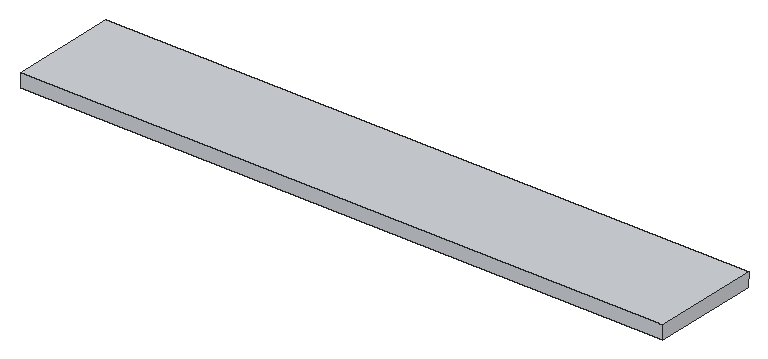
Revit family ".865-GID", category Plumbing Fixtures, Revit 2014
Parameters
  Width = 6.00"
  URL = "www.siouxchief.com"
  Model = ".865-GID"
  Manufacturer = "Sioux Chief Manufacturing"
  Length = 36.00"
  Description = "Ductile 21 Grate"
Reference planes (in)
  plane 1 "Center (Front/Back)": y = 0
  plane 2: z = 0
  plane 3 "Center (Left/Right)": x = 0
  plane 4: x = -18
  plane 5: x = 18
  plane 6: y = 3
  plane 7: y = -3
Forms (in)
  Extrusion 1, solid
    sketch origin (-18, 10.52407, 48) x (0, 1, 0) y (0, 0, 1)
      loop
        line (-7.55026, -48) -> (-7.52407, -47.25) -> (-13.52407, -47.25) -> (-13.49788, -48) -> (-7.55026, -48)
    from 0 to 36
Lines and regions (in)
  model lines
    curve 1: line (-17.75, 2.75, 0.75) -> (-12.25, 2.75, 0.75)
    curve 2: line (-12.25, 2.75, 0.75) -> (-12.25, -2.75, 0.75)
    curve 3: line (-12.25, -2.75, 0.75) -> (-17.75, -2.75, 0.75)
    curve 4: line (-17.75, -2.75, 0.75) -> (-17.75, 2.75, 0.75)
    curve 5: line (-11.75, 2.75, 0.75) -> (-6.25, 2.75, 0.75)
    curve 6: line (-6.25, 2.75, 0.75) -> (-6.25, -2.75, 0.75)
    curve 7: line (-6.25, -2.75, 0.75) -> (-11.75, -2.75, 0.75)
    curve 8: line (-11.75, -2.75, 0.75) -> (-11.75, 2.75, 0.75)
    curve 9: line (-5.75, 2.75, 0.75) -> (-0.25, 2.75, 0.75)
    curve 10: line (-0.25, 2.75, 0.75) -> (-0.25, -2.75, 0.75)
    curve 11: line (-0.25, -2.75, 0.75) -> (-5.75, -2.75, 0.75)
    curve 12: line (-5.75, -2.75, 0.75) -> (-5.75, 2.75, 0.75)
    curve 13: line (0.25, 2.75, 0.75) -> (5.75, 2.75, 0.75)
    curve 14: line (5.75, 2.75, 0.75) -> (5.75, -2.75, 0.75)
    curve 15: line (5.75, -2.75, 0.75) -> (0.25, -2.75, 0.75)
    curve 16: line (0.25, -2.75, 0.75) -> (0.25, 2.75, 0.75)
    curve 17: line (6.25, 2.75, 0.75) -> (11.75, 2.75, 0.75)
    curve 18: line (11.75, 2.75, 0.75) -> (11.75, -2.75, 0.75)
    curve 19: line (11.75, -2.75, 0.75) -> (6.25, -2.75, 0.75)
    curve 20: line (6.25, -2.75, 0.75) -> (6.25, 2.75, 0.75)
    curve 21: line (12.25, 2.75, 0.75) -> (17.75, 2.75, 0.75)
    curve 22: line (17.75, 2.75, 0.75) -> (17.75, -2.75, 0.75)
    curve 23: line (17.75, -2.75, 0.75) -> (12.25, -2.75, 0.75)
    curve 24: line (12.25, -2.75, 0.75) -> (12.25, 2.75, 0.75)
    curve 25: circle (0, 0, 0.75) r 0.3 normal (0, 0, 1)
    curve 26: circle (-12, 0, 0.75) r 0.3 normal (0, 0, 1)
    curve 27: circle (12, 0, 0.75) r 0.3 normal (0, 0, -1)
    curve 28: line (-17.50203, -1.71186, 0.75) -> (-13.29201, 2.49769, 0.75)
    curve 29: line (-17.75, -1.60625, 0.75) -> (-13.39375, 2.75, 0.75)
    curve 30: line (-12.43385, 2.75, 0.75) -> (-17.67272, -2.48887, 0.75)
    curve 31: line (-12.25, 2.56615, 0.75) -> (-17.49016, -2.67401, 0.75)
    curve 32: line (-17.50159, -0.75159, 0.75) -> (-14.25191, 2.49769, 0.75)
    curve 33: line (-17.66095, -0.55731, 0.75) -> (-14.4337, 2.66995, 0.75)
    curve 34: arc (-16.34709, 2.6592, 0.75) -> (-16.15268, 2.65562, 0.75) -> (-16.18379, 2.46369, 0.75) r 0.12867
    curve 35: arc (-15.3975, 2.66432, 0.75) -> (-15.20558, 2.65057, 0.75) -> (-15.25445, 2.46446, 0.75) r 0.12503
    curve 36: arc (-14.43272, 2.669, 0.75) -> (-14.25716, 2.67322, 0.75) -> (-14.25191, 2.49769, 0.75) r 0.12454
    curve 37: arc (-13.47282, 2.669, 0.75) -> (-13.29726, 2.67322, 0.75) -> (-13.29201, 2.49769, 0.75) r 0.12454
    curve 38: line (-17.52552, 0.19367, 0.75) -> (-15.25445, 2.46446, 0.75)
    curve 39: line (-17.7011, 0.37185, 0.75) -> (-15.403, 2.66995, 0.75)
    curve 40: line (-17.506, 1.14168, 0.75) -> (-16.18379, 2.46369, 0.75)
    curve 41: line (-17.67629, 1.32834, 0.75) -> (-16.34709, 2.6592, 0.75)
    curve 42: arc (-17.29167, 2.6592, 0.75) -> (-17.09726, 2.65562, 0.75) -> (-17.12837, 2.46369, 0.75) r 0.12867
    curve 43: line (-17.50565, 2.08647, 0.75) -> (-17.12837, 2.46369, 0.75)
    curve 44: line (-17.67187, 2.27852, 0.75) -> (-17.29167, 2.6592, 0.75)
    curve 45: arc (-12.51484, 2.669, 0.75) -> (-12.33929, 2.67322, 0.75) -> (-12.33403, 2.49769, 0.75) r 0.12454
    curve 46: arc (-17.65019, 1.35448, 0.75) -> (-17.65981, 1.15633, 0.75) -> (-17.4634, 1.18427, 0.75) r 0.12867
    curve 47: arc (-17.66432, 0.3975, 0.75) -> (-17.65034, 0.20542, 0.75) -> (-17.46423, 0.25495, 0.75) r 0.12503
    curve 48: arc (-17.669, -0.56728, 0.75) -> (-17.67501, -0.74092, 0.75) -> (-17.50159, -0.75159, 0.75) r 0.12454
    curve 49: arc (-17.669, -1.52718, 0.75) -> (-17.6752, -1.70061, 0.75) -> (-17.50203, -1.71186, 0.75) r 0.12454
    curve 50: arc (-17.65577, 2.29464, 0.75) -> (-17.6573, 2.09868, 0.75) -> (-17.46361, 2.1285, 0.75) r 0.12867
    curve 51: arc (-17.669, -2.48516, 0.75) -> (-17.67322, -2.66071, 0.75) -> (-17.49769, -2.66597, 0.75) r 0.12454
    curve 52: line (-16.71186, -2.50203, 0.75) -> (-12.50231, 1.70799, 0.75)
    curve 53: line (-16.60625, -2.75, 0.75) -> (-12.25, 1.60625, 0.75)
    curve 54: line (-15.75159, -2.50159, 0.75) -> (-12.50231, 0.74809, 0.75)
    curve 55: line (-15.55731, -2.66095, 0.75) -> (-12.33005, 0.5663, 0.75)
    curve 56: arc (-12.3408, -1.34709, 0.75) -> (-12.34438, -1.15268, 0.75) -> (-12.53631, -1.18379, 0.75) r 0.12867
    curve 57: arc (-12.33568, -0.3975, 0.75) -> (-12.34943, -0.20558, 0.75) -> (-12.53554, -0.25445, 0.75) r 0.12503
    curve 58: arc (-12.331, 0.56728, 0.75) -> (-12.32678, 0.74284, 0.75) -> (-12.50231, 0.74809, 0.75) r 0.12454
    curve 59: arc (-12.331, 1.52718, 0.75) -> (-12.32678, 1.70274, 0.75) -> (-12.50231, 1.70799, 0.75) r 0.12454
    curve 60: line (-14.80633, -2.52552, 0.75) -> (-12.53554, -0.25445, 0.75)
    curve 61: line (-14.62815, -2.7011, 0.75) -> (-12.33005, -0.403, 0.75)
    curve 62: line (-13.85832, -2.506, 0.75) -> (-12.53631, -1.18379, 0.75)
    curve 63: line (-13.64552, -2.65019, 0.75) -> (-12.3408, -1.34709, 0.75)
    curve 64: arc (-12.3408, -2.29167, 0.75) -> (-12.34438, -2.09726, 0.75) -> (-12.53631, -2.12837, 0.75) r 0.12867
    curve 65: line (-12.91353, -2.50565, 0.75) -> (-12.53631, -2.12837, 0.75)
    curve 66: line (-12.70536, -2.65577, 0.75) -> (-12.3408, -2.29167, 0.75)
    curve 67: arc (-13.64552, -2.65019, 0.75) -> (-13.84367, -2.65981, 0.75) -> (-13.81573, -2.4634, 0.75) r 0.12867
    curve 68: arc (-14.6025, -2.66432, 0.75) -> (-14.79458, -2.65034, 0.75) -> (-14.74505, -2.46423, 0.75) r 0.12503
    curve 69: arc (-15.56728, -2.669, 0.75) -> (-15.74092, -2.67501, 0.75) -> (-15.75159, -2.50159, 0.75) r 0.12454
    curve 70: arc (-16.52718, -2.669, 0.75) -> (-16.70061, -2.6752, 0.75) -> (-16.71186, -2.50203, 0.75) r 0.12454
    curve 71: arc (-12.70536, -2.65577, 0.75) -> (-12.90132, -2.6573, 0.75) -> (-12.8715, -2.46361, 0.75) r 0.12867
    curve 72: line (-11.50203, -1.71186, 0.75) -> (-7.29201, 2.49769, 0.75)
    curve 73: line (-11.75, -1.60625, 0.75) -> (-7.39375, 2.75, 0.75)
    curve 74: line (-6.43385, 2.75, 0.75) -> (-11.669, -2.48516, 0.75)
    curve 75: line (-6.25, 2.56615, 0.75) -> (-11.49016, -2.67401, 0.75)
    curve 76: line (-11.50159, -0.75159, 0.75) -> (-8.25191, 2.49769, 0.75)
    curve 77: line (-11.66095, -0.55731, 0.75) -> (-8.4337, 2.66995, 0.75)
    curve 78: arc (-10.34709, 2.6592, 0.75) -> (-10.15268, 2.65562, 0.75) -> (-10.18379, 2.46369, 0.75) r 0.12867
    curve 79: arc (-9.3975, 2.66432, 0.75) -> (-9.20558, 2.65057, 0.75) -> (-9.25445, 2.46446, 0.75) r 0.12503
    curve 80: arc (-8.43272, 2.669, 0.75) -> (-8.25716, 2.67322, 0.75) -> (-8.25191, 2.49769, 0.75) r 0.12454
    curve 81: arc (-7.47282, 2.669, 0.75) -> (-7.29726, 2.67322, 0.75) -> (-7.29201, 2.49769, 0.75) r 0.12454
    curve 82: line (-11.52552, 0.19367, 0.75) -> (-9.25445, 2.46446, 0.75)
    curve 83: line (-11.7011, 0.37185, 0.75) -> (-9.403, 2.66995, 0.75)
    curve 84: line (-11.506, 1.14168, 0.75) -> (-10.18379, 2.46369, 0.75)
    curve 85: line (-11.65019, 1.35448, 0.75) -> (-10.34709, 2.6592, 0.75)
    curve 86: arc (-11.29167, 2.6592, 0.75) -> (-11.09726, 2.65562, 0.75) -> (-11.12837, 2.46369, 0.75) r 0.12867
    curve 87: line (-11.50565, 2.08647, 0.75) -> (-11.12837, 2.46369, 0.75)
    curve 88: line (-11.65577, 2.29464, 0.75) -> (-11.29167, 2.6592, 0.75)
    curve 89: arc (-6.51484, 2.669, 0.75) -> (-6.33929, 2.67322, 0.75) -> (-6.33403, 2.49769, 0.75) r 0.12454
    curve 90: arc (-11.65019, 1.35448, 0.75) -> (-11.65981, 1.15633, 0.75) -> (-11.4634, 1.18427, 0.75) r 0.12867
    curve 91: arc (-11.66432, 0.3975, 0.75) -> (-11.65034, 0.20542, 0.75) -> (-11.46423, 0.25495, 0.75) r 0.12503
    curve 92: arc (-11.669, -0.56728, 0.75) -> (-11.67501, -0.74092, 0.75) -> (-11.50159, -0.75159, 0.75) r 0.12454
    curve 93: arc (-11.669, -1.52718, 0.75) -> (-11.6752, -1.70061, 0.75) -> (-11.50203, -1.71186, 0.75) r 0.12454
    curve 94: arc (-11.65577, 2.29464, 0.75) -> (-11.6573, 2.09868, 0.75) -> (-11.46361, 2.1285, 0.75) r 0.12867
    curve 95: arc (-11.669, -2.48516, 0.75) -> (-11.67322, -2.66071, 0.75) -> (-11.49769, -2.66597, 0.75) r 0.12454
    curve 96: line (-10.71186, -2.50203, 0.75) -> (-6.50231, 1.70799, 0.75)
    curve 97: line (-10.60625, -2.75, 0.75) -> (-6.25, 1.60625, 0.75)
    curve 98: line (-9.75159, -2.50159, 0.75) -> (-6.50231, 0.74809, 0.75)
    curve 99: line (-9.55731, -2.66095, 0.75) -> (-6.33005, 0.5663, 0.75)
    curve 100: arc (-6.3408, -1.34709, 0.75) -> (-6.34438, -1.15268, 0.75) -> (-6.53631, -1.18379, 0.75) r 0.12867
    curve 101: arc (-6.33568, -0.3975, 0.75) -> (-6.34943, -0.20558, 0.75) -> (-6.53554, -0.25445, 0.75) r 0.12503
    curve 102: arc (-6.331, 0.56728, 0.75) -> (-6.32678, 0.74284, 0.75) -> (-6.50231, 0.74809, 0.75) r 0.12454
    curve 103: arc (-6.331, 1.52718, 0.75) -> (-6.32678, 1.70274, 0.75) -> (-6.50231, 1.70799, 0.75) r 0.12454
    curve 104: line (-8.80633, -2.52552, 0.75) -> (-6.53554, -0.25445, 0.75)
    curve 105: line (-8.62815, -2.7011, 0.75) -> (-6.33005, -0.403, 0.75)
    curve 106: line (-7.85832, -2.506, 0.75) -> (-6.53631, -1.18379, 0.75)
    curve 107: line (-7.64552, -2.65019, 0.75) -> (-6.3408, -1.34709, 0.75)
    curve 108: arc (-6.3408, -2.29167, 0.75) -> (-6.34438, -2.09726, 0.75) -> (-6.53631, -2.12837, 0.75) r 0.12867
    curve 109: line (-6.91353, -2.50565, 0.75) -> (-6.53631, -2.12837, 0.75)
    curve 110: line (-6.70536, -2.65577, 0.75) -> (-6.3408, -2.29167, 0.75)
    curve 111: arc (-7.64552, -2.65019, 0.75) -> (-7.84367, -2.65981, 0.75) -> (-7.81573, -2.4634, 0.75) r 0.12867
    curve 112: arc (-8.6025, -2.66432, 0.75) -> (-8.79458, -2.65034, 0.75) -> (-8.74505, -2.46423, 0.75) r 0.12503
    curve 113: arc (-9.56728, -2.669, 0.75) -> (-9.74092, -2.67501, 0.75) -> (-9.75159, -2.50159, 0.75) r 0.12454
    curve 114: arc (-10.52718, -2.669, 0.75) -> (-10.70061, -2.6752, 0.75) -> (-10.71186, -2.50203, 0.75) r 0.12454
    curve 115: arc (-6.70536, -2.65577, 0.75) -> (-6.90132, -2.6573, 0.75) -> (-6.8715, -2.46361, 0.75) r 0.12867
    curve 116: line (-5.50203, -1.71186, 0.75) -> (-1.29201, 2.49769, 0.75)
    curve 117: line (-5.75, -1.60625, 0.75) -> (-1.39375, 2.75, 0.75)
    curve 118: line (-0.43385, 2.75, 0.75) -> (-5.669, -2.48516, 0.75)
    curve 119: line (-0.25, 2.56615, 0.75) -> (-5.49016, -2.67401, 0.75)
    curve 120: line (-5.50159, -0.75159, 0.75) -> (-2.25191, 2.49769, 0.75)
    curve 121: line (-5.66095, -0.55731, 0.75) -> (-2.4337, 2.66995, 0.75)
    curve 122: arc (-4.34709, 2.6592, 0.75) -> (-4.15268, 2.65562, 0.75) -> (-4.18379, 2.46369, 0.75) r 0.12867
    curve 123: arc (-3.3975, 2.66432, 0.75) -> (-3.20558, 2.65057, 0.75) -> (-3.25445, 2.46446, 0.75) r 0.12503
    curve 124: arc (-2.43272, 2.669, 0.75) -> (-2.25716, 2.67322, 0.75) -> (-2.25191, 2.49769, 0.75) r 0.12454
    curve 125: arc (-1.47282, 2.669, 0.75) -> (-1.29726, 2.67322, 0.75) -> (-1.29201, 2.49769, 0.75) r 0.12454
    curve 126: line (-5.52552, 0.19367, 0.75) -> (-3.25445, 2.46446, 0.75)
    curve 127: line (-5.7011, 0.37185, 0.75) -> (-3.403, 2.66995, 0.75)
    curve 128: line (-5.506, 1.14168, 0.75) -> (-4.18379, 2.46369, 0.75)
    curve 129: line (-5.65019, 1.35448, 0.75) -> (-4.34709, 2.6592, 0.75)
    curve 130: arc (-5.29167, 2.6592, 0.75) -> (-5.09726, 2.65562, 0.75) -> (-5.12837, 2.46369, 0.75) r 0.12867
    curve 131: line (-5.50565, 2.08647, 0.75) -> (-5.12837, 2.46369, 0.75)
    curve 132: line (-5.65577, 2.29464, 0.75) -> (-5.29167, 2.6592, 0.75)
    curve 133: arc (-0.51484, 2.669, 0.75) -> (-0.33929, 2.67322, 0.75) -> (-0.33403, 2.49769, 0.75) r 0.12454
    curve 134: arc (-5.65019, 1.35448, 0.75) -> (-5.65981, 1.15633, 0.75) -> (-5.4634, 1.18427, 0.75) r 0.12867
    curve 135: arc (-5.66432, 0.3975, 0.75) -> (-5.65034, 0.20542, 0.75) -> (-5.46423, 0.25495, 0.75) r 0.12503
    curve 136: arc (-5.669, -0.56728, 0.75) -> (-5.67501, -0.74092, 0.75) -> (-5.50159, -0.75159, 0.75) r 0.12454
    curve 137: arc (-5.669, -1.52718, 0.75) -> (-5.6752, -1.70061, 0.75) -> (-5.50203, -1.71186, 0.75) r 0.12454
    curve 138: arc (-5.65577, 2.29464, 0.75) -> (-5.6573, 2.09868, 0.75) -> (-5.46361, 2.1285, 0.75) r 0.12867
    curve 139: arc (-5.669, -2.48516, 0.75) -> (-5.67322, -2.66071, 0.75) -> (-5.49769, -2.66597, 0.75) r 0.12454
    curve 140: line (-4.71186, -2.50203, 0.75) -> (-0.50231, 1.70799, 0.75)
    curve 141: line (-4.60625, -2.75, 0.75) -> (-0.25, 1.60625, 0.75)
    curve 142: line (-3.75159, -2.50159, 0.75) -> (-0.50231, 0.74809, 0.75)
    curve 143: line (-3.55731, -2.66095, 0.75) -> (-0.33005, 0.5663, 0.75)
    curve 144: arc (-0.3408, -1.34709, 0.75) -> (-0.34438, -1.15268, 0.75) -> (-0.53631, -1.18379, 0.75) r 0.12867
    curve 145: arc (-0.33568, -0.3975, 0.75) -> (-0.34943, -0.20558, 0.75) -> (-0.53554, -0.25445, 0.75) r 0.12503
    curve 146: arc (-0.331, 0.56728, 0.75) -> (-0.32678, 0.74284, 0.75) -> (-0.50231, 0.74809, 0.75) r 0.12454
    curve 147: arc (-0.331, 1.52718, 0.75) -> (-0.32678, 1.70274, 0.75) -> (-0.50231, 1.70799, 0.75) r 0.12454
    curve 148: line (-2.80633, -2.52552, 0.75) -> (-0.53554, -0.25445, 0.75)
    curve 149: line (-2.62815, -2.7011, 0.75) -> (-0.33005, -0.403, 0.75)
    curve 150: line (-1.85832, -2.506, 0.75) -> (-0.53631, -1.18379, 0.75)
    curve 151: line (-1.64552, -2.65019, 0.75) -> (-0.3408, -1.34709, 0.75)
    curve 152: arc (-0.3408, -2.29167, 0.75) -> (-0.34438, -2.09726, 0.75) -> (-0.53631, -2.12837, 0.75) r 0.12867
    curve 153: line (-0.91353, -2.50565, 0.75) -> (-0.53631, -2.12837, 0.75)
    curve 154: line (-0.70536, -2.65577, 0.75) -> (-0.3408, -2.29167, 0.75)
    curve 155: arc (-1.64552, -2.65019, 0.75) -> (-1.84367, -2.65981, 0.75) -> (-1.81573, -2.4634, 0.75) r 0.12867
    curve 156: arc (-2.6025, -2.66432, 0.75) -> (-2.79458, -2.65034, 0.75) -> (-2.74505, -2.46423, 0.75) r 0.12503
    curve 157: arc (-3.56728, -2.669, 0.75) -> (-3.74092, -2.67501, 0.75) -> (-3.75159, -2.50159, 0.75) r 0.12454
    curve 158: arc (-4.52718, -2.669, 0.75) -> (-4.70061, -2.6752, 0.75) -> (-4.71186, -2.50203, 0.75) r 0.12454
    curve 159: arc (-0.70536, -2.65577, 0.75) -> (-0.90132, -2.6573, 0.75) -> (-0.8715, -2.46361, 0.75) r 0.12867
    curve 160: line (0.49797, -1.71186, 0.75) -> (4.70799, 2.49769, 0.75)
    curve 161: line (0.25, -1.60625, 0.75) -> (4.60625, 2.75, 0.75)
    curve 162: line (5.56615, 2.75, 0.75) -> (0.331, -2.48516, 0.75)
    curve 163: line (5.75, 2.56615, 0.75) -> (0.50984, -2.67401, 0.75)
    curve 164: line (0.49841, -0.75159, 0.75) -> (3.74809, 2.49769, 0.75)
    curve 165: line (0.33905, -0.55731, 0.75) -> (3.5663, 2.66995, 0.75)
    curve 166: arc (1.65291, 2.6592, 0.75) -> (1.84732, 2.65562, 0.75) -> (1.81621, 2.46369, 0.75) r 0.12867
    curve 167: arc (2.6025, 2.66432, 0.75) -> (2.79442, 2.65057, 0.75) -> (2.74555, 2.46446, 0.75) r 0.12503
    curve 168: arc (3.56728, 2.669, 0.75) -> (3.74284, 2.67322, 0.75) -> (3.74809, 2.49769, 0.75) r 0.12454
    curve 169: arc (4.52718, 2.669, 0.75) -> (4.70274, 2.67322, 0.75) -> (4.70799, 2.49769, 0.75) r 0.12454
    curve 170: line (0.47448, 0.19367, 0.75) -> (2.74555, 2.46446, 0.75)
    curve 171: line (0.2989, 0.37185, 0.75) -> (2.597, 2.66995, 0.75)
    curve 172: line (0.494, 1.14168, 0.75) -> (1.81621, 2.46369, 0.75)
    curve 173: line (0.34981, 1.35448, 0.75) -> (1.65291, 2.6592, 0.75)
    curve 174: arc (0.70833, 2.6592, 0.75) -> (0.90274, 2.65562, 0.75) -> (0.87163, 2.46369, 0.75) r 0.12867
    curve 175: line (0.49435, 2.08647, 0.75) -> (0.87163, 2.46369, 0.75)
    curve 176: line (0.34423, 2.29464, 0.75) -> (0.70833, 2.6592, 0.75)
    curve 177: arc (5.48516, 2.669, 0.75) -> (5.66071, 2.67322, 0.75) -> (5.66597, 2.49769, 0.75) r 0.12454
    curve 178: arc (0.34981, 1.35448, 0.75) -> (0.34019, 1.15633, 0.75) -> (0.5366, 1.18427, 0.75) r 0.12867
    curve 179: arc (0.33568, 0.3975, 0.75) -> (0.34966, 0.20542, 0.75) -> (0.53577, 0.25495, 0.75) r 0.12503
    curve 180: arc (0.331, -0.56728, 0.75) -> (0.32499, -0.74092, 0.75) -> (0.49841, -0.75159, 0.75) r 0.12454
    curve 181: arc (0.331, -1.52718, 0.75) -> (0.3248, -1.70061, 0.75) -> (0.49797, -1.71186, 0.75) r 0.12454
    curve 182: arc (0.34423, 2.29464, 0.75) -> (0.3427, 2.09868, 0.75) -> (0.53639, 2.1285, 0.75) r 0.12867
    curve 183: arc (0.331, -2.48516, 0.75) -> (0.32678, -2.66071, 0.75) -> (0.50231, -2.66597, 0.75) r 0.12454
    curve 184: line (1.28814, -2.50203, 0.75) -> (5.49769, 1.70799, 0.75)
    curve 185: line (1.39375, -2.75, 0.75) -> (5.75, 1.60625, 0.75)
    curve 186: line (2.24841, -2.50159, 0.75) -> (5.49769, 0.74809, 0.75)
    curve 187: line (2.44269, -2.66095, 0.75) -> (5.66995, 0.5663, 0.75)
    curve 188: arc (5.6592, -1.34709, 0.75) -> (5.65562, -1.15268, 0.75) -> (5.46369, -1.18379, 0.75) r 0.12867
    curve 189: arc (5.66432, -0.3975, 0.75) -> (5.65057, -0.20558, 0.75) -> (5.46446, -0.25445, 0.75) r 0.12503
    curve 190: arc (5.669, 0.56728, 0.75) -> (5.67322, 0.74284, 0.75) -> (5.49769, 0.74809, 0.75) r 0.12454
    curve 191: arc (5.669, 1.52718, 0.75) -> (5.67322, 1.70274, 0.75) -> (5.49769, 1.70799, 0.75) r 0.12454
    curve 192: line (3.19367, -2.52552, 0.75) -> (5.46446, -0.25445, 0.75)
    curve 193: line (3.37185, -2.7011, 0.75) -> (5.66995, -0.403, 0.75)
    curve 194: line (4.14168, -2.506, 0.75) -> (5.46369, -1.18379, 0.75)
    curve 195: line (4.35448, -2.65019, 0.75) -> (5.6592, -1.34709, 0.75)
    curve 196: arc (5.6592, -2.29167, 0.75) -> (5.65562, -2.09726, 0.75) -> (5.46369, -2.12837, 0.75) r 0.12867
    curve 197: line (5.08647, -2.50565, 0.75) -> (5.46369, -2.12837, 0.75)
    curve 198: line (5.29464, -2.65577, 0.75) -> (5.6592, -2.29167, 0.75)
    curve 199: arc (4.35448, -2.65019, 0.75) -> (4.15633, -2.65981, 0.75) -> (4.18427, -2.4634, 0.75) r 0.12867
    curve 200: arc (3.3975, -2.66432, 0.75) -> (3.20542, -2.65034, 0.75) -> (3.25495, -2.46423, 0.75) r 0.12503
    curve 201: arc (2.43272, -2.669, 0.75) -> (2.25908, -2.67501, 0.75) -> (2.24841, -2.50159, 0.75) r 0.12454
    curve 202: arc (1.47282, -2.669, 0.75) -> (1.29939, -2.6752, 0.75) -> (1.28814, -2.50203, 0.75) r 0.12454
    curve 203: arc (5.29464, -2.65577, 0.75) -> (5.09868, -2.6573, 0.75) -> (5.1285, -2.46361, 0.75) r 0.12867
    curve 204: line (6.49797, -1.71186, 0.75) -> (10.70799, 2.49769, 0.75)
    curve 205: line (6.25, -1.60625, 0.75) -> (10.60625, 2.75, 0.75)
    curve 206: line (11.56615, 2.75, 0.75) -> (6.331, -2.48516, 0.75)
    curve 207: line (11.75, 2.56615, 0.75) -> (6.50984, -2.67401, 0.75)
    curve 208: line (6.49841, -0.75159, 0.75) -> (9.74809, 2.49769, 0.75)
    curve 209: line (6.33905, -0.55731, 0.75) -> (9.5663, 2.66995, 0.75)
    curve 210: arc (7.65291, 2.6592, 0.75) -> (7.84732, 2.65562, 0.75) -> (7.81621, 2.46369, 0.75) r 0.12867
    curve 211: arc (8.6025, 2.66432, 0.75) -> (8.79442, 2.65057, 0.75) -> (8.74555, 2.46446, 0.75) r 0.12503
    curve 212: arc (9.56728, 2.669, 0.75) -> (9.74284, 2.67322, 0.75) -> (9.74809, 2.49769, 0.75) r 0.12454
    curve 213: arc (10.52718, 2.669, 0.75) -> (10.70274, 2.67322, 0.75) -> (10.70799, 2.49769, 0.75) r 0.12454
    curve 214: line (6.47448, 0.19367, 0.75) -> (8.74555, 2.46446, 0.75)
    curve 215: line (6.2989, 0.37185, 0.75) -> (8.597, 2.66995, 0.75)
    curve 216: line (6.494, 1.14168, 0.75) -> (7.81621, 2.46369, 0.75)
    curve 217: line (6.34981, 1.35448, 0.75) -> (7.65291, 2.6592, 0.75)
    curve 218: arc (6.70833, 2.6592, 0.75) -> (6.90274, 2.65562, 0.75) -> (6.87163, 2.46369, 0.75) r 0.12867
    curve 219: line (6.49435, 2.08647, 0.75) -> (6.87163, 2.46369, 0.75)
    curve 220: line (6.34423, 2.29464, 0.75) -> (6.70833, 2.6592, 0.75)
    curve 221: arc (11.48516, 2.669, 0.75) -> (11.66071, 2.67322, 0.75) -> (11.66597, 2.49769, 0.75) r 0.12454
    curve 222: arc (6.34981, 1.35448, 0.75) -> (6.34019, 1.15633, 0.75) -> (6.5366, 1.18427, 0.75) r 0.12867
    curve 223: arc (6.33568, 0.3975, 0.75) -> (6.34966, 0.20542, 0.75) -> (6.53577, 0.25495, 0.75) r 0.12503
    curve 224: arc (6.331, -0.56728, 0.75) -> (6.32499, -0.74092, 0.75) -> (6.49841, -0.75159, 0.75) r 0.12454
    curve 225: arc (6.331, -1.52718, 0.75) -> (6.3248, -1.70061, 0.75) -> (6.49797, -1.71186, 0.75) r 0.12454
    curve 226: arc (6.34423, 2.29464, 0.75) -> (6.3427, 2.09868, 0.75) -> (6.53639, 2.1285, 0.75) r 0.12867
    curve 227: arc (6.331, -2.48516, 0.75) -> (6.32678, -2.66071, 0.75) -> (6.50231, -2.66597, 0.75) r 0.12454
    curve 228: line (7.28814, -2.50203, 0.75) -> (11.49769, 1.70799, 0.75)
    curve 229: line (7.39375, -2.75, 0.75) -> (11.75, 1.60625, 0.75)
    curve 230: line (8.24841, -2.50159, 0.75) -> (11.49769, 0.74809, 0.75)
    curve 231: line (8.44269, -2.66095, 0.75) -> (11.66995, 0.5663, 0.75)
    curve 232: arc (11.6592, -1.34709, 0.75) -> (11.65562, -1.15268, 0.75) -> (11.46369, -1.18379, 0.75) r 0.12867
    curve 233: arc (11.66432, -0.3975, 0.75) -> (11.65057, -0.20558, 0.75) -> (11.46446, -0.25445, 0.75) r 0.12503
    curve 234: arc (11.669, 0.56728, 0.75) -> (11.67322, 0.74284, 0.75) -> (11.49769, 0.74809, 0.75) r 0.12454
    curve 235: arc (11.669, 1.52718, 0.75) -> (11.67322, 1.70274, 0.75) -> (11.49769, 1.70799, 0.75) r 0.12454
    curve 236: line (9.19367, -2.52552, 0.75) -> (11.46446, -0.25445, 0.75)
    curve 237: line (9.37185, -2.7011, 0.75) -> (11.66995, -0.403, 0.75)
    curve 238: line (10.14168, -2.506, 0.75) -> (11.46369, -1.18379, 0.75)
    curve 239: line (10.35448, -2.65019, 0.75) -> (11.6592, -1.34709, 0.75)
    curve 240: arc (11.6592, -2.29167, 0.75) -> (11.65562, -2.09726, 0.75) -> (11.46369, -2.12837, 0.75) r 0.12867
    curve 241: line (11.08647, -2.50565, 0.75) -> (11.46369, -2.12837, 0.75)
    curve 242: line (11.29464, -2.65577, 0.75) -> (11.6592, -2.29167, 0.75)
    curve 243: arc (10.35448, -2.65019, 0.75) -> (10.15633, -2.65981, 0.75) -> (10.18427, -2.4634, 0.75) r 0.12867
    curve 244: arc (9.3975, -2.66432, 0.75) -> (9.20542, -2.65034, 0.75) -> (9.25495, -2.46423, 0.75) r 0.12503
    curve 245: arc (8.43272, -2.669, 0.75) -> (8.25908, -2.67501, 0.75) -> (8.24841, -2.50159, 0.75) r 0.12454
    curve 246: arc (7.47282, -2.669, 0.75) -> (7.29939, -2.6752, 0.75) -> (7.28814, -2.50203, 0.75) r 0.12454
    curve 247: arc (11.29464, -2.65577, 0.75) -> (11.09868, -2.6573, 0.75) -> (11.1285, -2.46361, 0.75) r 0.12867
    curve 248: line (12.49797, -1.71186, 0.75) -> (16.70799, 2.49769, 0.75)
    curve 249: line (12.25, -1.60625, 0.75) -> (16.60625, 2.75, 0.75)
    curve 250: line (17.56615, 2.75, 0.75) -> (12.331, -2.48516, 0.75)
    curve 251: line (17.75, 2.56615, 0.75) -> (12.50984, -2.67401, 0.75)
    curve 252: line (12.49841, -0.75159, 0.75) -> (15.74809, 2.49769, 0.75)
    curve 253: line (12.33905, -0.55731, 0.75) -> (15.5663, 2.66995, 0.75)
    curve 254: arc (13.65291, 2.6592, 0.75) -> (13.84732, 2.65562, 0.75) -> (13.81621, 2.46369, 0.75) r 0.12867
    curve 255: arc (14.6025, 2.66432, 0.75) -> (14.79442, 2.65057, 0.75) -> (14.74555, 2.46446, 0.75) r 0.12503
    curve 256: arc (15.56728, 2.669, 0.75) -> (15.74284, 2.67322, 0.75) -> (15.74809, 2.49769, 0.75) r 0.12454
    curve 257: arc (16.52718, 2.669, 0.75) -> (16.70274, 2.67322, 0.75) -> (16.70799, 2.49769, 0.75) r 0.12454
    curve 258: line (12.47448, 0.19367, 0.75) -> (14.74555, 2.46446, 0.75)
    curve 259: line (12.2989, 0.37185, 0.75) -> (14.597, 2.66995, 0.75)
    curve 260: line (12.494, 1.14168, 0.75) -> (13.81621, 2.46369, 0.75)
    curve 261: line (12.34981, 1.35448, 0.75) -> (13.65291, 2.6592, 0.75)
    curve 262: arc (12.70833, 2.6592, 0.75) -> (12.90274, 2.65562, 0.75) -> (12.87163, 2.46369, 0.75) r 0.12867
    curve 263: line (12.49435, 2.08647, 0.75) -> (12.87163, 2.46369, 0.75)
    curve 264: line (12.34423, 2.29464, 0.75) -> (12.70833, 2.6592, 0.75)
    curve 265: arc (17.48516, 2.669, 0.75) -> (17.66071, 2.67322, 0.75) -> (17.66597, 2.49769, 0.75) r 0.12454
    curve 266: arc (12.34981, 1.35448, 0.75) -> (12.34019, 1.15633, 0.75) -> (12.5366, 1.18427, 0.75) r 0.12867
    curve 267: arc (12.33568, 0.3975, 0.75) -> (12.34966, 0.20542, 0.75) -> (12.53577, 0.25495, 0.75) r 0.12503
    curve 268: arc (12.331, -0.56728, 0.75) -> (12.32499, -0.74092, 0.75) -> (12.49841, -0.75159, 0.75) r 0.12454
    curve 269: arc (12.331, -1.52718, 0.75) -> (12.3248, -1.70061, 0.75) -> (12.49797, -1.71186, 0.75) r 0.12454
    curve 270: arc (12.34423, 2.29464, 0.75) -> (12.3427, 2.09868, 0.75) -> (12.53639, 2.1285, 0.75) r 0.12867
    curve 271: arc (12.331, -2.48516, 0.75) -> (12.32678, -2.66071, 0.75) -> (12.50231, -2.66597, 0.75) r 0.12454
    curve 272: line (13.28814, -2.50203, 0.75) -> (17.49769, 1.70799, 0.75)
    curve 273: line (13.39375, -2.75, 0.75) -> (17.75, 1.60625, 0.75)
    curve 274: line (14.24841, -2.50159, 0.75) -> (17.49769, 0.74809, 0.75)
    curve 275: line (14.44269, -2.66095, 0.75) -> (17.66995, 0.5663, 0.75)
    curve 276: arc (17.6592, -1.34709, 0.75) -> (17.65562, -1.15268, 0.75) -> (17.46369, -1.18379, 0.75) r 0.12867
    curve 277: arc (17.66432, -0.3975, 0.75) -> (17.65057, -0.20558, 0.75) -> (17.46446, -0.25445, 0.75) r 0.12503
    curve 278: arc (17.669, 0.56728, 0.75) -> (17.67322, 0.74284, 0.75) -> (17.49769, 0.74809, 0.75) r 0.12454
    curve 279: arc (17.669, 1.52718, 0.75) -> (17.67322, 1.70274, 0.75) -> (17.49769, 1.70799, 0.75) r 0.12454
    curve 280: line (15.19367, -2.52552, 0.75) -> (17.46446, -0.25445, 0.75)
    curve 281: line (15.37185, -2.7011, 0.75) -> (17.66995, -0.403, 0.75)
    curve 282: line (16.14168, -2.506, 0.75) -> (17.46369, -1.18379, 0.75)
    curve 283: line (16.35448, -2.65019, 0.75) -> (17.6592, -1.34709, 0.75)
    curve 284: arc (17.6592, -2.29167, 0.75) -> (17.65562, -2.09726, 0.75) -> (17.46369, -2.12837, 0.75) r 0.12867
    curve 285: line (17.08647, -2.50565, 0.75) -> (17.46369, -2.12837, 0.75)
    curve 286: line (17.29464, -2.65577, 0.75) -> (17.6592, -2.29167, 0.75)
    curve 287: arc (16.35448, -2.65019, 0.75) -> (16.15633, -2.65981, 0.75) -> (16.18427, -2.4634, 0.75) r 0.12867
    curve 288: arc (15.3975, -2.66432, 0.75) -> (15.20542, -2.65034, 0.75) -> (15.25495, -2.46423, 0.75) r 0.12503
    curve 289: arc (14.43272, -2.669, 0.75) -> (14.25908, -2.67501, 0.75) -> (14.24841, -2.50159, 0.75) r 0.12454
    curve 290: arc (13.47282, -2.669, 0.75) -> (13.29939, -2.6752, 0.75) -> (13.28814, -2.50203, 0.75) r 0.12454
    curve 291: arc (17.29464, -2.65577, 0.75) -> (17.09868, -2.6573, 0.75) -> (17.1285, -2.46361, 0.75) r 0.12867
Dimensions and locks (in)
  equal spacing: plane 4, plane 3 "Center (Left/Right)", plane 5
  "Length": plane 4 to plane 5
  equal spacing: plane 6, plane 1 "Center (Front/Back)", plane 7
  "Width": plane 6 to plane 7
  aligned and locked: plane 2 to level
  aligned and locked: Extrusion 1 to plane 4
  aligned and locked: Extrusion 1 to plane 5
Automatic sketch dimensions
  curve 1 to Extrusion 1 = 0.25"
  curve 5 to Extrusion 1 = 0.25"
  curve 22 to Extrusion 1 = 0.25"  (x2)
  curve 9 to Extrusion 1 = 0.25"
  curve 13 to Extrusion 1 = 0.25"
  curve 20 to Extrusion 1 = 0.25"
  curve 176 to Extrusion 1 = 0.3408"
  curve 217 to Extrusion 1 = 0.3408"
  curve 220 to Extrusion 1 = 0.3408"
  curve 261 to Extrusion 1 = 0.3408"
  curve 88 to Extrusion 1 = 0.3408"
  curve 41 to Extrusion 1 = 0.3408"
  curve 85 to Extrusion 1 = 0.3408"
  curve 173 to Extrusion 1 = 0.3408"
  curve 44 to Extrusion 1 = 0.3408"
  curve 264 to Extrusion 1 = 0.3408"
  curve 132 to Extrusion 1 = 0.3408"
  curve 129 to Extrusion 1 = 0.3408"
  curve 36 to Extrusion 1 = 0.41718"
  curve 118 to curve 133 = 0.16718"
  curve 117 to curve 125 = 0.16718"
  curve 250 to curve 265 = 0.16718"
  curve 124 to Extrusion 1 = 0.41718"
  curve 205 to curve 213 = 0.16718"
  curve 212 to Extrusion 1 = 0.41718"
  curve 80 to Extrusion 1 = 0.41718"
  curve 206 to curve 221 = 0.16718"
  curve 73 to curve 81 = 0.16718"
  curve 162 to curve 177 = 0.16718"
  curve 168 to Extrusion 1 = 0.41718"
  curve 256 to Extrusion 1 = 0.41718"
  curve 161 to curve 169 = 0.16718"
  curve 249 to curve 257 = 0.16718"
  curve 30 to curve 45 = 0.16718"
  curve 29 to curve 37 = 0.16718"
  curve 74 to curve 89 = 0.16718"
  curve 79 to Extrusion 1 = 0.4222"
  curve 255 to Extrusion 1 = 0.4222"
  curve 123 to Extrusion 1 = 0.4222"
  curve 35 to Extrusion 1 = 0.4222"
  curve 211 to Extrusion 1 = 0.4222"
  curve 167 to Extrusion 1 = 0.4222"
  curve 129 to curve 122 = 0.08605"
  curve 44 to curve 42 = 0.08605"
  curve 261 to curve 254 = 0.08605"
  curve 176 to curve 174 = 0.08605"
  curve 210 to curve 210 = 0.08605"
  curve 78 to curve 78 = 0.08605"
  curve 41 to curve 34 = 0.08605"
  curve 264 to curve 262 = 0.08605"
  curve 88 to curve 86 = 0.08605"
  curve 218 to curve 218 = 0.08605"
  curve 173 to curve 166 = 0.08605"
  curve 132 to curve 130 = 0.08605"
  curve 125 to curve 116 = 0.08512"
  curve 37 to curve 28 = 0.08512"
  curve 213 to curve 204 = 0.08512"
  curve 168 to curve 164 = 0.08512"
  curve 80 to curve 76 = 0.08512"
  curve 256 to curve 252 = 0.08512"
  curve 169 to curve 160 = 0.08512"
  curve 36 to curve 32 = 0.08512"
  curve 124 to curve 120 = 0.08512"
  curve 81 to curve 72 = 0.08512"
  curve 212 to curve 208 = 0.08512"
  curve 257 to curve 248 = 0.08512"
  curve 255 to curve 258 = 0.11333"
  curve 79 to curve 82 = 0.11333"
  curve 167 to curve 170 = 0.11333"
  curve 35 to curve 38 = 0.11333"
  curve 211 to curve 214 = 0.11333"
  curve 123 to curve 126 = 0.11333"
  curve 218 to curve 219 = 0.10945"
  curve 166 to curve 172 = 0.10945"
  curve 210 to curve 216 = 0.10945"
  curve 122 to curve 128 = 0.10945"
  curve 130 to curve 131 = 0.10945"
  curve 78 to curve 84 = 0.10945"
  curve 174 to curve 175 = 0.10945"
  curve 262 to curve 263 = 0.10945"
  curve 86 to curve 87 = 0.10945"
  curve 34 to curve 40 = 0.10945"
  curve 42 to curve 43 = 0.10945"
  curve 254 to curve 260 = 0.10945"
  curve 5 to curve 88 = 0.45536"
  curve 13 to curve 176 = 0.45536"
  curve 17 to curve 220 = 0.45536"
  curve 9 to curve 132 = 0.45536"
  curve 21 to curve 264 = 0.45536"
  curve 220 to curve 226 = 0.09863"
  curve 176 to curve 182 = 0.09863"
  curve 270 to curve 270 = 0.09863"
  curve 42 to curve 50 = 0.26768"
  curve 138 to curve 138 = 0.09863"
  curve 88 to curve 94 = 0.09863"
  curve 133 to curve 140 = 0.87483"
  curve 45 to curve 52 = 0.87483"
  curve 221 to curve 228 = 0.87483"
  curve 177 to curve 184 = 0.87483"
  Extrusion 1 to curve 272 = 0.50231"
  curve 265 to curve 272 = 0.87483"
  curve 89 to curve 96 = 0.87483"
  curve 52 to curve 59 = 0.09091"
  curve 103 to curve 103 = 0.09091"
  curve 235 to curve 235 = 0.09091"
  curve 272 to curve 279 = 0.09091"
  curve 147 to curve 147 = 0.09091"
  curve 191 to curve 191 = 0.09091"
  curve 235 to curve 261 = 0.2626"
  curve 103 to curve 129 = 0.2626"
  curve 191 to curve 217 = 0.2626"
  curve 147 to curve 173 = 0.2626"
  curve 59 to curve 85 = 0.2626"
  curve 134 to curve 134 = 0.10305"
  Extrusion 1 to curve 46 = 0.42686"
  curve 50 to curve 46 = 0.94458"
  curve 222 to curve 222 = 0.10305"
  curve 178 to curve 178 = 0.10305"
  curve 266 to curve 266 = 0.10305"
  curve 90 to curve 90 = 0.10305"
  curve 235 to curve 230 = 0.86899"
  curve 103 to curve 98 = 0.86899"
  curve 191 to curve 186 = 0.86899"
  curve 59 to curve 54 = 0.86899"
  Extrusion 1 to curve 274 = 0.50231"
  curve 279 to curve 274 = 0.86899"
  curve 147 to curve 142 = 0.86899"
  curve 190 to curve 190 = 0.09091"
  curve 234 to curve 234 = 0.09091"
  curve 58 to curve 58 = 0.09091"
  curve 102 to curve 102 = 0.09091"
  curve 274 to curve 278 = 0.09091"
  curve 146 to curve 146 = 0.09091"
  curve 102 to curve 135 = 0.34994"
  curve 146 to curve 179 = 0.34994"
  curve 234 to curve 267 = 0.34994"
  Extrusion 1 to curve 47 = 0.4222"
  curve 46 to curve 47 = 0.94418"
  curve 190 to curve 223 = 0.34994"
  curve 58 to curve 91 = 0.34994"
  curve 179 to curve 25 = 0.30725"
  curve 267 to curve 27 = 0.30725"
  curve 91 to curve 26 = 0.30725"
  curve 27 to curve 236 = 0.25445"
  curve 190 to curve 192 = 0.91163"
  curve 102 to curve 104 = 0.91163"
  curve 26 to curve 60 = 0.25445"
  Extrusion 1 to curve 280 = 0.53554"
  curve 278 to curve 280 = 0.91163"
  curve 25 to curve 148 = 0.25445"
  curve 280 to curve 277 = 0.0528"
  curve 104 to curve 101 = 0.0528"
  curve 145 to curve 145 = 0.0528"
  curve 189 to curve 189 = 0.0528"
  curve 236 to curve 233 = 0.0528"
  curve 60 to curve 57 = 0.0528"
  curve 189 to curve 224 = 0.34994"
  curve 27 to curve 268 = 0.65719"
  Extrusion 1 to curve 48 = 0.41718"
  curve 47 to curve 48 = 0.96443"
  curve 25 to curve 180 = 0.65719"
  curve 26 to curve 92 = 0.65719"
  curve 101 to curve 136 = 0.34994"
  curve 92 to curve 76 = 0.09441"
  curve 268 to curve 252 = 0.09441"
  curve 224 to curve 208 = 0.09441"
  Extrusion 1 to curve 32 = 0.49841"
  curve 48 to curve 32 = 0.09441"
  curve 180 to curve 164 = 0.09441"
  curve 136 to curve 120 = 0.09441"
  curve 101 to curve 106 = 0.87655"
  curve 189 to curve 194 = 0.87655"
  curve 57 to curve 62 = 0.87655"
  Extrusion 1 to curve 282 = 0.53631"
  curve 277 to curve 282 = 0.87655"
  curve 233 to curve 238 = 0.87655"
  curve 145 to curve 150 = 0.87655"
  curve 106 to curve 100 = 0.06764"
  curve 150 to curve 144 = 0.06764"
  curve 276 to curve 276 = 0.06764"
  curve 238 to curve 232 = 0.06764"
  curve 56 to curve 56 = 0.06764"
  curve 194 to curve 188 = 0.06764"
  curve 56 to curve 63 = 0.09566"
  curve 100 to curve 107 = 0.09566"
  curve 232 to curve 239 = 0.09566"
  Extrusion 1 to curve 283 = 0.3408"
  curve 276 to curve 283 = 0.09566"
  curve 188 to curve 195 = 0.09566"
  curve 144 to curve 151 = 0.09566"
  curve 188 to curve 225 = 0.27"
  curve 107 to curve 137 = 0.27"
  Extrusion 1 to curve 49 = 0.41718"
  curve 48 to curve 49 = 0.86549"
  curve 144 to curve 181 = 0.27"
  curve 63 to curve 93 = 0.27"
  curve 232 to curve 269 = 0.27"
  curve 137 to curve 116 = 0.09478"
  curve 269 to curve 248 = 0.09478"
  curve 181 to curve 160 = 0.09478"
  curve 225 to curve 204 = 0.09478"
  curve 93 to curve 72 = 0.09478"
  Extrusion 1 to curve 28 = 0.49797"
  curve 49 to curve 28 = 0.09478"
  curve 151 to curve 153 = 0.78129"
  curve 283 to curve 285 = 0.78129"
  curve 195 to curve 197 = 0.78129"
  curve 56 to curve 65 = 0.78129"
  curve 239 to curve 241 = 0.78129"
  curve 107 to curve 109 = 0.78129"
  curve 241 to curve 240 = 0.06764"
  curve 65 to curve 64 = 0.06764"
  curve 109 to curve 108 = 0.06764"
  curve 197 to curve 196 = 0.06764"
  curve 153 to curve 152 = 0.06764"
  curve 285 to curve 284 = 0.06764"
  Extrusion 1 to curve 286 = 0.3408"
  curve 284 to curve 286 = 0.09566"
  curve 108 to curve 110 = 0.09566"
  curve 240 to curve 242 = 0.09566"
  curve 196 to curve 198 = 0.09566"
  curve 64 to curve 66 = 0.09566"
  curve 152 to curve 154 = 0.09566"
  curve 74 to Extrusion 1 = 0.51484"
  curve 162 to Extrusion 1 = 0.51484"
  curve 118 to Extrusion 1 = 0.51484"
  curve 206 to Extrusion 1 = 0.51484"
  curve 250 to Extrusion 1 = 0.51484"
  curve 54 to Extrusion 1 = 0.49841"
  curve 274 to Extrusion 1 = 0.49841"
  curve 186 to Extrusion 1 = 0.49841"
  curve 230 to Extrusion 1 = 0.49841"
  curve 98 to Extrusion 1 = 0.49841"
  curve 142 to Extrusion 1 = 0.49841"
  curve 228 to Extrusion 1 = 0.49797"
  curve 184 to Extrusion 1 = 0.49797"
  curve 140 to Extrusion 1 = 0.49797"
  curve 96 to Extrusion 1 = 0.49797"
  curve 272 to Extrusion 1 = 0.49797"
  curve 52 to Extrusion 1 = 0.49797"
  curve 247 to Extrusion 1 = 0.42686"
  curve 287 to Extrusion 1 = 0.42686"
  curve 291 to Extrusion 1 = 0.42686"
  curve 155 to Extrusion 1 = 0.42686"
  curve 203 to Extrusion 1 = 0.42686"
  curve 159 to Extrusion 1 = 0.42686"
  curve 71 to Extrusion 1 = 0.42686"
  curve 243 to Extrusion 1 = 0.42686"
  curve 115 to Extrusion 1 = 0.42686"
  curve 67 to Extrusion 1 = 0.42686"
  curve 199 to Extrusion 1 = 0.42686"
  curve 111 to Extrusion 1 = 0.42686"
  curve 139 to curve 139 = 0.0899"
  curve 271 to curve 271 = 0.0899"
  curve 206 to curve 227 = 0.0899"
  curve 183 to curve 183 = 0.0899"
  curve 74 to curve 95 = 0.0899"
  curve 51 to Extrusion 1 = 0.42494"
  curve 156 to Extrusion 1 = 0.4222"
  curve 200 to Extrusion 1 = 0.4222"
  curve 68 to Extrusion 1 = 0.4222"
  curve 112 to Extrusion 1 = 0.4222"
  curve 244 to Extrusion 1 = 0.4222"
  curve 288 to Extrusion 1 = 0.4222"
  curve 245 to curve 245 = 0.08123"
  curve 158 to curve 158 = 0.08079"
  curve 69 to curve 69 = 0.08123"
  curve 184 to curve 202 = 0.08079"
  curve 114 to curve 114 = 0.08079"
  curve 289 to curve 289 = 0.08123"
  curve 228 to curve 246 = 0.08079"
  curve 70 to curve 70 = 0.08079"
  curve 98 to curve 113 = 0.08123"
  curve 272 to curve 290 = 0.08079"
  curve 142 to curve 157 = 0.08123"
  curve 201 to curve 201 = 0.08123"
  curve 67 to curve 63 = 0.07704"
  curve 287 to curve 283 = 0.07704"
  curve 111 to curve 107 = 0.07704"
  curve 199 to curve 195 = 0.07704"
  curve 243 to curve 239 = 0.07704"
  curve 155 to curve 151 = 0.07704"
  curve 291 to curve 286 = 0.08263"
  curve 115 to curve 110 = 0.08263"
  curve 247 to curve 242 = 0.08263"
  curve 71 to curve 66 = 0.08263"
  curve 203 to curve 198 = 0.08263"
  curve 159 to curve 154 = 0.08263"
  curve 18 to Extrusion 1 = 0.25"
  curve 11 to Extrusion 1 = 0.25"
  curve 95 to curve 8 = 0.17494"
  curve 51 to curve 3 = 0.17494"
  curve 14 to Extrusion 1 = 0.25"
  Extrusion 1 to curve 51 = 0.41718"
  curve 3 to curve 51 = 0.16718"
  Extrusion 1 to curve 50 = 0.42686"
  curve 1 to curve 44 = 0.45833"
  curve 44 to curve 42 = 0.09566"
  curve 51 to curve 52 = 0.87096"
  curve 70 to curve 70 = 0.09478"
  curve 43 to curve 41 = 0.78129"
  curve 41 to curve 34 = 0.09566"
  curve 70 to curve 54 = 0.86549"
  curve 69 to curve 69 = 0.09441"
  curve 34 to curve 35 = 0.87655"
  curve 35 to curve 38 = 0.0528"
  curve 69 to curve 68 = 0.96443"
  curve 35 to curve 36 = 0.91163"
  curve 36 to curve 32 = 0.09091"
  curve 68 to curve 67 = 0.94418"
  curve 67 to curve 63 = 0.10305"
  curve 32 to curve 37 = 0.86899"
  curve 37 to curve 28 = 0.09091"
  curve 67 to curve 71 = 0.84153"
  curve 71 to curve 66 = 0.09863"
  curve 71 to curve 62 = 0.26768"
  curve 71 to curve 65 = 0.26768"
  curve 62 to curve 60 = 0.00077"
  curve 28 to curve 52 = 0.7897"
  curve 54 to curve 52 = 0.00"
  curve 65 to curve 64 = 0.10945"
  curve 56 to curve 56 = 0.10945"
  curve 28 to curve 45 = 0.86707"
  curve 60 to curve 57 = 0.11333"
  curve 58 to curve 58 = 0.08512"
  curve 52 to curve 59 = 0.08512"
  curve 71 to curve 3 = 0.45536"
  curve 57 to curve 26 = 0.4222"
  curve 2 to curve 8 = 0.50"
  curve 7 to curve 74 = 0.081"
  curve 5 to curve 88 = 0.09423"
  curve 53 to curve 85 = 0.59981"
  curve 73 to curve 93 = 0.16718"
  curve 74 to curve 95 = 0.08619"
  curve 26 to curve 92 = 0.41718"
  curve 26 to curve 91 = 0.4222"
  curve 88 to curve 94 = 0.08263"
  curve 90 to curve 90 = 0.07704"
  curve 93 to curve 72 = 0.08079"
  curve 92 to curve 76 = 0.08123"
  curve 5 to curve 88 = 0.45833"
  curve 88 to curve 86 = 0.09566"
  curve 95 to curve 96 = 0.87096"
  curve 114 to curve 114 = 0.09478"
  curve 86 to curve 85 = 0.78129"
  curve 78 to curve 78 = 0.09566"
  curve 114 to curve 98 = 0.86549"
  curve 98 to curve 113 = 0.09441"
  curve 78 to curve 79 = 0.87655"
  curve 79 to curve 82 = 0.0528"
  curve 113 to curve 112 = 0.96443"
  curve 82 to curve 80 = 0.91163"
  curve 80 to curve 76 = 0.09091"
  curve 112 to curve 111 = 0.94418"
  curve 111 to curve 107 = 0.10305"
  curve 80 to curve 81 = 0.86899"
  curve 81 to curve 72 = 0.09091"
  curve 111 to curve 115 = 0.84153"
  curve 115 to curve 110 = 0.09863"
  curve 115 to curve 106 = 0.26768"
  curve 115 to curve 109 = 0.26768"
  curve 100 to curve 104 = 0.00077"
  curve 81 to curve 96 = 0.7897"
  curve 98 to curve 103 = 0.00"
  curve 109 to curve 108 = 0.10945"
  curve 106 to curve 100 = 0.10945"
  curve 72 to curve 89 = 0.86707"
  curve 104 to curve 101 = 0.11333"
  curve 103 to curve 103 = 0.08512"
  curve 102 to curve 102 = 0.08512"
  curve 115 to curve 7 = 0.45536"
  curve 5 to curve 12 = 0.50"
  curve 11 to curve 118 = 0.081"
  curve 9 to curve 132 = 0.09423"
  curve 97 to curve 129 = 0.59981"
  curve 101 to curve 136 = 0.83939"
  curve 139 to curve 139 = 0.08619"
  curve 117 to curve 137 = 0.16718"
  curve 102 to curve 135 = 0.83939"
  curve 134 to curve 134 = 0.07704"
  curve 138 to curve 138 = 0.08263"
  curve 137 to curve 116 = 0.08079"
  curve 136 to curve 120 = 0.08123"
  curve 9 to curve 132 = 0.45833"
  curve 132 to curve 130 = 0.09566"
  curve 139 to curve 140 = 0.87096"
  curve 158 to curve 158 = 0.09478"
  curve 130 to curve 129 = 0.78129"
  curve 129 to curve 122 = 0.09566"
  curve 158 to curve 142 = 0.86549"
  curve 142 to curve 157 = 0.09441"
  curve 128 to curve 123 = 0.87655"
  curve 123 to curve 126 = 0.0528"
  curve 157 to curve 156 = 0.96443"
  curve 126 to curve 124 = 0.91163"
  curve 124 to curve 120 = 0.09091"
  curve 156 to curve 155 = 0.94418"
  curve 155 to curve 151 = 0.10305"
  curve 124 to curve 125 = 0.86899"
  curve 125 to curve 116 = 0.09091"
  curve 155 to curve 159 = 0.84153"
  curve 159 to curve 154 = 0.09863"
  curve 159 to curve 150 = 0.26768"
  curve 159 to curve 153 = 0.26768"
  curve 144 to curve 148 = 0.00077"
  curve 116 to curve 140 = 0.7897"
  curve 142 to curve 147 = 0.00"
  curve 153 to curve 152 = 0.10945"
  curve 150 to curve 144 = 0.10945"
  curve 125 to curve 133 = 0.86707"
  curve 145 to curve 145 = 0.11333"
  curve 147 to curve 147 = 0.08512"
  curve 146 to curve 146 = 0.08512"
  curve 159 to curve 10 = 0.45536"
  curve 145 to curve 25 = 0.4222"
  curve 10 to curve 16 = 0.50"
  curve 15 to curve 162 = 0.081"
  curve 13 to curve 176 = 0.09423"
  curve 141 to curve 173 = 0.59981"
  curve 183 to curve 183 = 0.08619"
  curve 161 to curve 181 = 0.16718"
  curve 25 to curve 180 = 0.41718"
  curve 25 to curve 179 = 0.4222"
  curve 176 to curve 182 = 0.08263"
  curve 178 to curve 178 = 0.07704"
  curve 181 to curve 160 = 0.08079"
  curve 180 to curve 164 = 0.08123"
  curve 13 to curve 176 = 0.45833"
  curve 176 to curve 174 = 0.09566"
  curve 183 to curve 184 = 0.87096"
  curve 184 to curve 202 = 0.09478"
  curve 174 to curve 173 = 0.78129"
  curve 173 to curve 166 = 0.09566"
  curve 202 to curve 186 = 0.86549"
  curve 201 to curve 201 = 0.09441"
  curve 172 to curve 167 = 0.87655"
  curve 167 to curve 170 = 0.0528"
  curve 201 to curve 200 = 0.96443"
  curve 167 to curve 168 = 0.91163"
  curve 168 to curve 164 = 0.09091"
  curve 200 to curve 199 = 0.94418"
  curve 199 to curve 195 = 0.10305"
  curve 164 to curve 169 = 0.86899"
  curve 169 to curve 160 = 0.09091"
  curve 199 to curve 203 = 0.84153"
  curve 203 to curve 198 = 0.09863"
  curve 203 to curve 197 = 0.26768"
  curve 194 to curve 196 = 0.00"
  curve 188 to curve 192 = 0.00077"
  curve 192 to curve 186 = 0.03323"
  curve 184 to curve 186 = 0.00"
  curve 197 to curve 196 = 0.10945"
  curve 194 to curve 188 = 0.10945"
  curve 169 to curve 177 = 0.86707"
  curve 189 to curve 189 = 0.11333"
  curve 190 to curve 190 = 0.08512"
  curve 191 to curve 191 = 0.08512"
  curve 177 to curve 13 = 0.17494"
  curve 14 to curve 20 = 0.50"
  curve 19 to curve 206 = 0.081"
  curve 17 to curve 220 = 0.09423"
  curve 185 to curve 217 = 0.59981"
  curve 206 to curve 227 = 0.08619"
  curve 189 to curve 224 = 0.83939"
  curve 205 to curve 225 = 0.16718"
  curve 190 to curve 223 = 0.83939"
  curve 222 to curve 222 = 0.07704"
  curve 220 to curve 226 = 0.08263"
  curve 225 to curve 204 = 0.08079"
  curve 224 to curve 208 = 0.08123"
  curve 17 to curve 220 = 0.45833"
  curve 218 to curve 218 = 0.09566"
  curve 227 to curve 228 = 0.87096"
  curve 228 to curve 246 = 0.09478"
  curve 219 to curve 217 = 0.78129"
  curve 210 to curve 210 = 0.09566"
  curve 246 to curve 230 = 0.86549"
  curve 245 to curve 245 = 0.09441"
  curve 216 to curve 211 = 0.87655"
  curve 211 to curve 214 = 0.0528"
  curve 245 to curve 244 = 0.96443"
  curve 211 to curve 212 = 0.91163"
  curve 212 to curve 208 = 0.09091"
  curve 244 to curve 243 = 0.94418"
  curve 243 to curve 239 = 0.10305"
  curve 208 to curve 213 = 0.86899"
  curve 213 to curve 204 = 0.09091"
  curve 239 to curve 247 = 0.84153"
  curve 247 to curve 242 = 0.09863"
  curve 247 to curve 241 = 0.26768"
  curve 238 to curve 241 = 0.00"
  curve 238 to curve 236 = 0.00077"
  curve 233 to curve 230 = 0.03323"
  curve 228 to curve 230 = 0.00"
  curve 240 to curve 240 = 0.10945"
  curve 232 to curve 232 = 0.10945"
  curve 213 to curve 221 = 0.86707"
  curve 236 to curve 233 = 0.11333"
  curve 235 to curve 235 = 0.08512"
  curve 234 to curve 234 = 0.08512"
  curve 247 to curve 18 = 0.45536"
  curve 233 to curve 27 = 0.4222"
  curve 18 to curve 23 = 0.50"
  curve 23 to curve 250 = 0.081"
  curve 21 to curve 264 = 0.09423"
  curve 229 to curve 261 = 0.59981"
  curve 27 to curve 268 = 0.41718"
  curve 249 to curve 269 = 0.16718"
  curve 271 to curve 271 = 0.08619"
  curve 27 to curve 267 = 0.4222"
  curve 270 to curve 270 = 0.08263"
  curve 266 to curve 266 = 0.07704"
  curve 269 to curve 248 = 0.08079"
  curve 268 to curve 252 = 0.08123"
  curve 21 to curve 264 = 0.45833"
  curve 264 to curve 262 = 0.09566"
  curve 271 to curve 272 = 0.87096"
  curve 290 to curve 290 = 0.09478"
  curve 263 to curve 261 = 0.78129"
  curve 261 to curve 254 = 0.09566"
  curve 290 to curve 274 = 0.86549"
  curve 289 to curve 289 = 0.09441"
  curve 260 to curve 255 = 0.87655"
  curve 255 to curve 258 = 0.0528"
  curve 289 to curve 288 = 0.96443"
  curve 255 to curve 256 = 0.91163"
  curve 256 to curve 252 = 0.09091"
  curve 288 to curve 287 = 0.94418"
  curve 287 to curve 283 = 0.10305"
  curve 252 to curve 257 = 0.86899"
  curve 257 to curve 248 = 0.09091"
  curve 291 to curve 286 = 0.46319"
  curve 291 to curve 286 = 0.09863"
  curve 285 to curve 284 = 0.19551"
  Extrusion 1 to curve 265 = 0.42494"
  curve 280 to curve 277 = 0.11333"
  curve 274 to curve 278 = 0.08512"
  curve 272 to curve 279 = 0.08512"
  curve 265 to curve 22 = 0.17494"
  curve 77 to curve 80 = 0.08713"
  curve 259 to curve 255 = 0.09215"
  curve 215 to curve 211 = 0.09215"
  curve 253 to curve 256 = 0.08713"
  curve 121 to curve 124 = 0.08713"
  curve 127 to curve 123 = 0.09215"
  curve 165 to curve 168 = 0.08713"
  curve 39 to curve 35 = 0.09215"
  curve 33 to curve 36 = 0.08713"
  curve 171 to curve 167 = 0.09215"
  curve 209 to curve 212 = 0.08713"
  curve 83 to curve 79 = 0.09215"
  curve 250 to curve 265 = 0.081"
  curve 205 to curve 213 = 0.081"
  curve 30 to curve 45 = 0.081"
  curve 209 to curve 212 = 0.00094"
  curve 118 to curve 133 = 0.081"
  curve 121 to curve 124 = 0.00094"
  curve 165 to curve 168 = 0.00094"
  curve 253 to curve 256 = 0.00094"
  curve 161 to curve 169 = 0.081"
  curve 249 to curve 257 = 0.081"
  curve 29 to curve 37 = 0.081"
  curve 74 to curve 89 = 0.081"
  curve 33 to curve 36 = 0.00094"
  curve 77 to curve 80 = 0.00094"
  curve 206 to curve 221 = 0.081"
  curve 73 to curve 81 = 0.081"
  curve 162 to curve 177 = 0.081"
  curve 117 to curve 125 = 0.081"
  curve 127 to curve 123 = 0.00562"
  curve 39 to curve 35 = 0.00562"
  curve 171 to curve 167 = 0.00562"
  curve 259 to curve 255 = 0.00562"
  curve 215 to curve 211 = 0.00562"
  curve 83 to curve 79 = 0.00562"
  curve 221 to curve 207 = 0.01667"
  curve 133 to curve 119 = 0.01667"
  curve 265 to curve 251 = 0.01667"
  curve 177 to curve 163 = 0.01667"
  curve 89 to curve 75 = 0.01667"
  curve 45 to curve 31 = 0.01667"
  curve 75 to curve 89 = 0.06846"
  curve 163 to curve 177 = 0.06846"
  curve 251 to curve 265 = 0.06846"
  curve 119 to curve 133 = 0.06846"
  curve 31 to curve 45 = 0.06846"
  curve 207 to curve 221 = 0.06846"
  curve 50 to curve 50 = 0.09863"
  Extrusion 1 to curve 44 = 0.32813"
  curve 94 to curve 94 = 0.06751"
  curve 182 to curve 182 = 0.06751"
  curve 50 to curve 50 = 0.06751"
  curve 226 to curve 226 = 0.06751"
  curve 270 to curve 270 = 0.06751"
  curve 138 to curve 138 = 0.06751"
  curve 147 to curve 141 = 0.01083"
  curve 191 to curve 185 = 0.01083"
  curve 235 to curve 229 = 0.01083"
  curve 103 to curve 97 = 0.01083"
  curve 279 to curve 273 = 0.01083"
  curve 59 to curve 53 = 0.01083"
  curve 53 to curve 59 = 0.07907"
  curve 229 to curve 235 = 0.07907"
  curve 141 to curve 147 = 0.07907"
  curve 273 to curve 279 = 0.07907"
  curve 97 to curve 103 = 0.07907"
  curve 185 to curve 191 = 0.07907"
  curve 46 to curve 46 = 0.10305"
  Extrusion 1 to curve 41 = 0.32371"
  curve 266 to curve 266 = 0.06716"
  curve 222 to curve 222 = 0.06716"
  curve 178 to curve 178 = 0.06716"
  curve 134 to curve 134 = 0.06716"
  curve 46 to curve 46 = 0.06716"
  curve 90 to curve 90 = 0.06716"
  curve 102 to curve 102 = 0.0899"
  curve 146 to curve 146 = 0.0899"
  curve 234 to curve 234 = 0.0899"
  curve 58 to curve 58 = 0.0899"
  curve 278 to curve 278 = 0.0899"
  curve 190 to curve 190 = 0.0899"
  curve 102 to curve 99 = 0.00098"
  curve 146 to curve 143 = 0.00098"
  Extrusion 1 to curve 275 = 0.33005"
  curve 278 to curve 275 = 0.00098"
  curve 190 to curve 187 = 0.00098"
  curve 234 to curve 231 = 0.00098"
  curve 58 to curve 55 = 0.00098"
  curve 223 to curve 223 = 0.09025"
  curve 179 to curve 179 = 0.09025"
  curve 267 to curve 267 = 0.09025"
  curve 91 to curve 91 = 0.09025"
  curve 47 to curve 47 = 0.09025"
  curve 135 to curve 135 = 0.09025"
  curve 267 to curve 259 = 0.02565"
  curve 179 to curve 171 = 0.02565"
  curve 91 to curve 83 = 0.02565"
  curve 135 to curve 127 = 0.02565"
  Extrusion 1 to curve 39 = 0.2989"
  curve 47 to curve 39 = 0.02565"
  curve 223 to curve 215 = 0.02565"
  curve 47 to curve 47 = 0.05229"
  curve 223 to curve 223 = 0.05229"
  curve 135 to curve 135 = 0.05229"
  curve 91 to curve 91 = 0.05229"
  curve 179 to curve 179 = 0.05229"
  curve 267 to curve 267 = 0.05229"
  curve 179 to curve 170 = 0.06128"
  curve 91 to curve 82 = 0.06128"
  curve 267 to curve 258 = 0.06128"
  Extrusion 1 to curve 38 = 0.47448"
  curve 135 to curve 126 = 0.06128"
  curve 223 to curve 214 = 0.06128"
  curve 57 to curve 57 = 0.09025"
  curve 189 to curve 189 = 0.09025"
  curve 277 to curve 277 = 0.09025"
  curve 233 to curve 233 = 0.09025"
  curve 101 to curve 101 = 0.09025"
  curve 145 to curve 145 = 0.09025"
  curve 233 to curve 237 = 0.00551"
  curve 189 to curve 193 = 0.00551"
  curve 145 to curve 149 = 0.00551"
  curve 57 to curve 61 = 0.00551"
  curve 101 to curve 105 = 0.00551"
  Extrusion 1 to curve 281 = 0.33005"
  curve 277 to curve 281 = 0.00551"
  curve 209 to curve 224 = 0.09988"
  curve 77 to curve 92 = 0.09988"
  curve 121 to curve 136 = 0.09988"
  curve 253 to curve 268 = 0.09988"
  curve 165 to curve 180 = 0.09988"
  Extrusion 1 to curve 33 = 0.33905"
  curve 33 to curve 48 = 0.09988"
